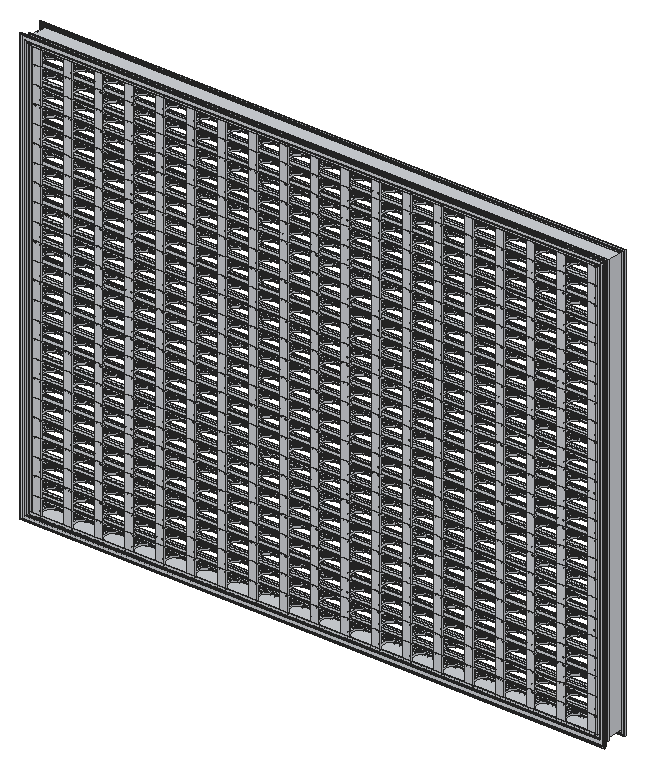
Revit family "NLRS_00_GM_Akoesische muurrooster_ST-445-86ZF_Storax", category Generic Models, Revit 2019
Family settings
  Can host rebar = No
  Round Connector Dimension = Use Diameter
  Part Type = Normal
  Work Plane-Based = Yes
  Always vertical = No
  Cut with Voids When Loaded = Yes
  Shared = No
  Room Calculation Point = No
Parameters
  Width [instance] = 2000 mm
  VerticalSpacingLamel = 60 mm  # constant formula
  Rooster Start = 20.5 mm
  Rooster End = 20.5 mm
  LamellendragerHoH [instance] = 100 mm
  LamellendragerArayNumber [instance] = (Width - ArrayStartLeft - ArrayStartRight) / LamellendragerHoH  # 19
  Height [instance] = 1500 mm
  Default Elevation = 1219.2 mm
  Calculated Width Rooster [instance] = Width - Rooster Start - Rooster End  # 1959 mm
  Calculated Heigth Rooster [instance] = Calculated Height - 60 mm  # 1430 mm
  Calculated Height [instance] = round((Height - 50 mm) / VerticalSpacingLamel) * VerticalSpacingLamel + 50 mm  # 1490 mm
  Blade Number MODIFIER [instance] = 0
  Blade Height [instance] = Height - (20.5 mm * 2)  # 1459 mm
  ArrayStartRight [instance] = ArrayStartLeft  # 50 mm
  ArrayStartLeft [instance] = 50 mm
Reference planes
  plane 1 "Center (Front/Back)": y = 0
  plane 2 "Bottom": z = 0
  plane 3 "Left": x = 0
  plane 4 "Right": x = 2000
  plane 5 "Top": z = 1490
  plane 6: x = 50
  plane 7: x = 1950
  plane 8: z = 1500
  plane 9: x = 20.5
  plane 10: x = 1979.5
Forms (mm)
  Sweep 1, solid
    path origin (0, 0, 0) x (1, 0, 0) y (0, 0, 1)
      loop
        line (0, 1490) -> (0, 0) -> (2000, 0) -> (2000, 1490) -> (0, 1490)
    profile "Profiel_ST-445-86ZF : Profiel_ST-445-86ZF" origin (1000, 0, 1490) x (0, 0, 1) y (0, -1, 0)
      loop
        line (0, -5) -> (0, -1.5) -> (-1.5, -1.5) -> (-1.5, -3) -> (-8.3, -3) -> (-8.3, -1.25) -> (-6.3, -1.25) -> (-6.3, 0.515) -> (-7.502, 1.717) -> (-7.805, 0) -> (-10.3, 0) -> (-10.3, -3) -> (-13.5, -3) -> (-13.5, 56.8) -> (-10.3, 56.8) -> (-10.3, 54.3) -> (-8.3, 54.3) -> (-8.3, 58.3) -> (-9.85, 58.3) -> (-9.85, 60.05) -> (-11.35, 60.05) -> (-11.35, 58.3) -> (-13.5, 58.3) -> (-13.5, 80) -> (-11.35, 80) -> (-11.35, 78.25) -> (-9.85, 78.25) -> (-9.85, 80) -> (-2.783, 80) -> (-1.5, 78.717) -> (-1.5, 81.5) -> (-2.343, 81.5) -> (-2.343, 82.289) -> (0, 82.289) -> (0, 83.5) -> (-1.8, 83.5)
        arc (-1.8, 83.5) -> (-2.393, 83.382) -> (-2.896, 83.046) r 1.55
        line (-2.896, 83.046) -> (-4.442, 81.5) -> (-15.5, 81.5) -> (-15.5, 76.5) -> (-19.5, 76.5) -> (-19.5, 79.134)
        arc (-19.5, 79.134) -> (-19.5, 80.866) -> (-21, 80) r 1
        line (-21, 80) -> (-21, 76.5) -> (-29, 76.5) -> (-29, 75) -> (-15.5, 75) -> (-15.5, -5) -> (0, -5)
Dimensions and locks
  "Width": plane 4 "Right" to plane 3 "Left"
  "Calculated Height": plane 5 "Top" to plane 2 "Bottom"
  equal spacing: group 1, group 3, group 4, group 5, group 6, group 7, group 8, group 9, group 10, group 11, group 12, group 13, group 14, group 15, group 16, group 17, group 18, group 19, group 2  (x3)
  "ArrayStartLeft": plane 6 to plane 3 "Left"
  "ArrayStartRight": plane 4 "Right" to plane 7
  "Height": plane 8 to plane 2 "Bottom"
  "Rooster Start": plane 9 to plane 3 "Left"
  "Rooster End": plane 4 "Right" to plane 10
  aligned and locked: level to plane 2 "Bottom"
  aligned and locked: Sweep 1 sketch curve to plane 5 "Top"
  aligned and locked: plane 3 "Left" to Sweep 1 sketch curve
  aligned and locked: Sweep 1 sketch curve to plane 2 "Bottom"
  aligned and locked: Sweep 1 sketch curve to plane 4 "Right"
  aligned and locked: nested 1 to plane 6
  aligned and locked: nested 2 to plane 7
  aligned and locked: nested 3 to plane 9
Nested families
  nested 1: "NLRS_21_GM_Lamellenhouder_ST-060-AC-11-12" at (50, -75, 24.4) x (0, -1, 0) z (0, 0, 1), Length <- "Blade Height", Blade Number MODIFIER <- "Blade Number MODIFIER", type "NLRS_21_GM_Lamellenhouder_ST-060-AC-11-12"
    with Length 1459 mm, Blade Spacing 60 mm, Blade Number MODIFIER 0, Blade Number 24
  nested 2: "NLRS_21_GM_Lamellenhouder_ST-060-AC-11-12" at (1950, -75, 24.4) x (0, -1, 0) z (0, 0, 1), Length <- "Blade Height", Blade Number MODIFIER <- "Blade Number MODIFIER", type "NLRS_21_GM_Lamellenhouder_ST-060-AC-11-12"
    with Length 1459 mm, Blade Spacing 60 mm, Blade Number MODIFIER 0, Blade Number 24
  nested 3: "NLRS_21_GM_Lamellenrooster_ST-060-AC-11-12" at (1000, -60.49, 20.506) x (0, -1, 0) z (0, 0, 1), Length <- "Calculated Heigth Rooster", Width <- "Calculated Width Rooster", type "NLRS_21_GM_Lamellenrooster_ST-060-AC-11-12"
    with Width 1959 mm, Length 1430 mm, Blade Spacing 60 mm, Blade Number MODIFIER 0, Blade Number 24
  nested 4: "NLRS_21_GM_Lamellenhouder_ST-060-AC-11-12" at (155.556, -75, 24.4) x (0, -1, 0) z (0, 0, 1), Length <- "Blade Height", Blade Number MODIFIER <- "Blade Number MODIFIER", type "NLRS_21_GM_Lamellenhouder_ST-060-AC-11-12"
    with Length 1459 mm, Blade Spacing 60 mm, Blade Number MODIFIER 0, Blade Number 24
  nested 5: "NLRS_21_GM_Lamellenhouder_ST-060-AC-11-12" at (261.111, -75, 24.4) x (0, -1, 0) z (0, 0, 1), Length <- "Blade Height", Blade Number MODIFIER <- "Blade Number MODIFIER", type "NLRS_21_GM_Lamellenhouder_ST-060-AC-11-12"
    with Length 1459 mm, Blade Spacing 60 mm, Blade Number MODIFIER 0, Blade Number 24
  nested 6: "NLRS_21_GM_Lamellenhouder_ST-060-AC-11-12" at (366.667, -75, 24.4) x (0, -1, 0) z (0, 0, 1), Length <- "Blade Height", Blade Number MODIFIER <- "Blade Number MODIFIER", type "NLRS_21_GM_Lamellenhouder_ST-060-AC-11-12"
    with Length 1459 mm, Blade Spacing 60 mm, Blade Number MODIFIER 0, Blade Number 24
  nested 7: "NLRS_21_GM_Lamellenhouder_ST-060-AC-11-12" at (472.222, -75, 24.4) x (0, -1, 0) z (0, 0, 1), Length <- "Blade Height", Blade Number MODIFIER <- "Blade Number MODIFIER", type "NLRS_21_GM_Lamellenhouder_ST-060-AC-11-12"
    with Length 1459 mm, Blade Spacing 60 mm, Blade Number MODIFIER 0, Blade Number 24
  nested 8: "NLRS_21_GM_Lamellenhouder_ST-060-AC-11-12" at (577.778, -75, 24.4) x (0, -1, 0) z (0, 0, 1), Length <- "Blade Height", Blade Number MODIFIER <- "Blade Number MODIFIER", type "NLRS_21_GM_Lamellenhouder_ST-060-AC-11-12"
    with Length 1459 mm, Blade Spacing 60 mm, Blade Number MODIFIER 0, Blade Number 24
  nested 9: "NLRS_21_GM_Lamellenhouder_ST-060-AC-11-12" at (683.333, -75, 24.4) x (0, -1, 0) z (0, 0, 1), Length <- "Blade Height", Blade Number MODIFIER <- "Blade Number MODIFIER", type "NLRS_21_GM_Lamellenhouder_ST-060-AC-11-12"
    with Length 1459 mm, Blade Spacing 60 mm, Blade Number MODIFIER 0, Blade Number 24
  nested 10: "NLRS_21_GM_Lamellenhouder_ST-060-AC-11-12" at (788.889, -75, 24.4) x (0, -1, 0) z (0, 0, 1), Length <- "Blade Height", Blade Number MODIFIER <- "Blade Number MODIFIER", type "NLRS_21_GM_Lamellenhouder_ST-060-AC-11-12"
    with Length 1459 mm, Blade Spacing 60 mm, Blade Number MODIFIER 0, Blade Number 24
  nested 11: "NLRS_21_GM_Lamellenhouder_ST-060-AC-11-12" at (894.444, -75, 24.4) x (0, -1, 0) z (0, 0, 1), Length <- "Blade Height", Blade Number MODIFIER <- "Blade Number MODIFIER", type "NLRS_21_GM_Lamellenhouder_ST-060-AC-11-12"
    with Length 1459 mm, Blade Spacing 60 mm, Blade Number MODIFIER 0, Blade Number 24
  nested 12: "NLRS_21_GM_Lamellenhouder_ST-060-AC-11-12" at (1000, -75, 24.4) x (0, -1, 0) z (0, 0, 1), Length <- "Blade Height", Blade Number MODIFIER <- "Blade Number MODIFIER", type "NLRS_21_GM_Lamellenhouder_ST-060-AC-11-12"
    with Length 1459 mm, Blade Spacing 60 mm, Blade Number MODIFIER 0, Blade Number 24
  nested 13: "NLRS_21_GM_Lamellenhouder_ST-060-AC-11-12" at (1105.556, -75, 24.4) x (0, -1, 0) z (0, 0, 1), Length <- "Blade Height", Blade Number MODIFIER <- "Blade Number MODIFIER", type "NLRS_21_GM_Lamellenhouder_ST-060-AC-11-12"
    with Length 1459 mm, Blade Spacing 60 mm, Blade Number MODIFIER 0, Blade Number 24
  nested 14: "NLRS_21_GM_Lamellenhouder_ST-060-AC-11-12" at (1211.111, -75, 24.4) x (0, -1, 0) z (0, 0, 1), Length <- "Blade Height", Blade Number MODIFIER <- "Blade Number MODIFIER", type "NLRS_21_GM_Lamellenhouder_ST-060-AC-11-12"
    with Length 1459 mm, Blade Spacing 60 mm, Blade Number MODIFIER 0, Blade Number 24
  nested 15: "NLRS_21_GM_Lamellenhouder_ST-060-AC-11-12" at (1316.667, -75, 24.4) x (0, -1, 0) z (0, 0, 1), Length <- "Blade Height", Blade Number MODIFIER <- "Blade Number MODIFIER", type "NLRS_21_GM_Lamellenhouder_ST-060-AC-11-12"
    with Length 1459 mm, Blade Spacing 60 mm, Blade Number MODIFIER 0, Blade Number 24
  nested 16: "NLRS_21_GM_Lamellenhouder_ST-060-AC-11-12" at (1422.222, -75, 24.4) x (0, -1, 0) z (0, 0, 1), Length <- "Blade Height", Blade Number MODIFIER <- "Blade Number MODIFIER", type "NLRS_21_GM_Lamellenhouder_ST-060-AC-11-12"
    with Length 1459 mm, Blade Spacing 60 mm, Blade Number MODIFIER 0, Blade Number 24
  nested 17: "NLRS_21_GM_Lamellenhouder_ST-060-AC-11-12" at (1527.778, -75, 24.4) x (0, -1, 0) z (0, 0, 1), Length <- "Blade Height", Blade Number MODIFIER <- "Blade Number MODIFIER", type "NLRS_21_GM_Lamellenhouder_ST-060-AC-11-12"
    with Length 1459 mm, Blade Spacing 60 mm, Blade Number MODIFIER 0, Blade Number 24
  nested 18: "NLRS_21_GM_Lamellenhouder_ST-060-AC-11-12" at (1633.333, -75, 24.4) x (0, -1, 0) z (0, 0, 1), Length <- "Blade Height", Blade Number MODIFIER <- "Blade Number MODIFIER", type "NLRS_21_GM_Lamellenhouder_ST-060-AC-11-12"
    with Length 1459 mm, Blade Spacing 60 mm, Blade Number MODIFIER 0, Blade Number 24
  nested 19: "NLRS_21_GM_Lamellenhouder_ST-060-AC-11-12" at (1738.889, -75, 24.4) x (0, -1, 0) z (0, 0, 1), Length <- "Blade Height", Blade Number MODIFIER <- "Blade Number MODIFIER", type "NLRS_21_GM_Lamellenhouder_ST-060-AC-11-12"
    with Length 1459 mm, Blade Spacing 60 mm, Blade Number MODIFIER 0, Blade Number 24
  nested 20: "NLRS_21_GM_Lamellenhouder_ST-060-AC-11-12" at (1844.444, -75, 24.4) x (0, -1, 0) z (0, 0, 1), Length <- "Blade Height", Blade Number MODIFIER <- "Blade Number MODIFIER", type "NLRS_21_GM_Lamellenhouder_ST-060-AC-11-12"
    with Length 1459 mm, Blade Spacing 60 mm, Blade Number MODIFIER 0, Blade Number 24
Definition of nested family "NLRS_21_GM_Lamellenhouder_ST-060-AC-11-12"
  Parameters (values of type "NLRS_21_GM_Lamellenhouder_ST-060-AC-11-12")
    Length [instance] = 600 mm
    Blade Spacing [instance] = 60 mm
    Blade Number MODIFIER [instance] = 0
    Blade Number [instance] = (Length / Blade Spacing) + Blade Number MODIFIER  # 10
  Reference planes
    plane 1 "Center (Front/Back)": y = 0
    plane 2: z = 0
    plane 3 "Center (Left/Right)": x = 0
    plane 4: z = 600
    plane 5: z = 60
    plane 6: z = 120
    plane 7: z = 180
    plane 8: z = 240
    plane 9: z = 300
    plane 10: z = 0
    plane 11: z = 60
    plane 12: z = 120
    plane 13: z = 180
    plane 14: z = 240
    plane 15: z = 360
    plane 16: z = 300
    plane 17: z = 420
    plane 18: z = 360
    plane 19: z = 480
    plane 20: z = 420
    plane 21: z = 540
    plane 22: z = 480
    plane 23: z = 600
    plane 24: z = 540
  Dimensions and locks
    equal spacing: group 1, group 2, group 3, group 4, group 5, group 6, group 7, group 8, group 9, group 10  (x3)
    "Blade Spacing": plane 5 to plane 10
    "Length": plane 4 to level
    aligned and locked: level to plane 2
  Nested families
    nested 1: "NLRS_00_GM_PRF_ST-060-AC-11-12" at (0, 0, 0) x (0, -1, 0) z (0, 0, 1), type "NLRS_00_GM_PRF_ST-060-AC-11-12"
    nested 2: "NLRS_00_GM_PRF_ST-060-AC-11-12" at (0, 0, 60) x (0, -1, 0) z (0, 0, 1), type "NLRS_00_GM_PRF_ST-060-AC-11-12"
    nested 3: "NLRS_00_GM_PRF_ST-060-AC-11-12" at (0, 0, 120) x (0, -1, 0) z (0, 0, 1), type "NLRS_00_GM_PRF_ST-060-AC-11-12"
    nested 4: "NLRS_00_GM_PRF_ST-060-AC-11-12" at (0, 0, 180) x (0, -1, 0) z (0, 0, 1), type "NLRS_00_GM_PRF_ST-060-AC-11-12"
    nested 5: "NLRS_00_GM_PRF_ST-060-AC-11-12" at (0, 0, 240) x (0, -1, 0) z (0, 0, 1), type "NLRS_00_GM_PRF_ST-060-AC-11-12"
    nested 6: "NLRS_00_GM_PRF_ST-060-AC-11-12" at (0, 0, 300) x (0, -1, 0) z (0, 0, 1), type "NLRS_00_GM_PRF_ST-060-AC-11-12"
    nested 7: "NLRS_00_GM_PRF_ST-060-AC-11-12" at (0, 0, 360) x (0, -1, 0) z (0, 0, 1), type "NLRS_00_GM_PRF_ST-060-AC-11-12"
    nested 8: "NLRS_00_GM_PRF_ST-060-AC-11-12" at (0, 0, 420) x (0, -1, 0) z (0, 0, 1), type "NLRS_00_GM_PRF_ST-060-AC-11-12"
    nested 9: "NLRS_00_GM_PRF_ST-060-AC-11-12" at (0, 0, 480) x (0, -1, 0) z (0, 0, 1), type "NLRS_00_GM_PRF_ST-060-AC-11-12"
    nested 10: "NLRS_00_GM_PRF_ST-060-AC-11-12" at (0, 0, 540) x (0, -1, 0) z (0, 0, 1), type "NLRS_00_GM_PRF_ST-060-AC-11-12"
  Definition of nested family "NLRS_00_GM_PRF_ST-060-AC-11-12"
    Parameters
      Connector width = 232.51 mm
    Reference planes
      plane 1 "Center (Front/Back)": y = 0
      plane 2: z = 0
      plane 3 "Center (Left/Right)": x = 0
    Forms (mm)
      Sweep 1, solid
        path origin (0, 0, 0) x (1, 0, 0) y (0, 1, 0)
          loop
            line (14, 0) -> (-14, 0)
        profile "NLRS_00_PRF_ST-060-AC-11-12 : NLRS_00_PRF_ST-060-AC-11-12" origin (0, 0, 0) x (0, -1, 0) y (0, 0, 1)
          loop
            line (59.317, -1.551) -> (61.193, -4) -> (62.7, -4)
            arc (62.7, -4) -> (63.148, -3.721) -> (63.097, -3.196) r 0.5
            line (63.097, -3.196) -> (59.833, 1.065) -> (61.013, 2.146) -> (62.362, 0.908)
            arc (62.362, 0.908) -> (62.901, 0.819) -> (63.2, 1.276) r 0.5
            line (63.2, 1.276) -> (63.2, 3.671)
            arc (63.2, 3.671) -> (62.006, 5.502) -> (59.85, 5.147) r 2
            line (59.85, 5.147) -> (59.115, 4.474)
            arc (59.115, 4.474) -> (58.076, 3.975) -> (56.934, 4.131) r 2
            line (56.934, 4.131) -> (31.126, 15.917)
            arc (31.126, 15.917) -> (27.409, 17.191) -> (23.515, 17.713) r 20
            line (23.515, 17.713) -> (3.965, 18.395)
            arc (3.965, 18.395) -> (3.281, 18.7) -> (3, 19.395) r 1
            line (3, 19.395) -> (3, 49.245)
            arc (3, 49.245) -> (3.746, 50.802) -> (5.426, 51.199) r 2
            arc (5.426, 51.199) -> (10.671, 49.093) -> (14.935, 45.385) r 17
            arc (14.935, 45.385) -> (16.062, 44.536) -> (17.453, 44.296) r 3
            arc (17.453, 44.296) -> (18.649, 44.459) -> (19.684, 45.08) r 3
            line (19.684, 45.08) -> (21.901, 47.117)
            arc (21.901, 47.117) -> (22.411, 49.316) -> (20.547, 50.59) r 2
            line (20.547, 50.59) -> (17.044, 50.59) -> (18.78, 48.323) -> (17.598, 47.238) -> (15.328, 49.322)
            arc (15.328, 49.322) -> (9.588, 53.012) -> (2.943, 54.557) r 20
            arc (2.943, 54.557) -> (2.273, 54.869) -> (2, 55.555) r 1
            line (2, 55.555) -> (2, 60) -> (0, 60) -> (0, 0) -> (2.1, 0) -> (2.1, -4) -> (4, -4) -> (4, 2) -> (3, 2) -> (3, 11.168)
            arc (3, 11.168) -> (3.586, 12.582) -> (5, 13.168) r 2
            line (5, 13.168) -> (24.169, 13.168)
            arc (24.169, 13.168) -> (27.297, 12.859) -> (30.304, 11.945) r 16
            line (30.304, 11.945) -> (55.213, 1.604)
            arc (55.213, 1.604) -> (57.473, 0.297) -> (59.317, -1.551) r 10
    Dimensions and locks
      aligned and locked: level to plane 2
Definition of nested family "NLRS_21_GM_Lamellenrooster_ST-060-AC-11-12"
  Parameters (values of type "NLRS_21_GM_Lamellenrooster_ST-060-AC-11-12")
    Width [instance] = 600 mm
    Length [instance] = 600 mm
    Blade Spacing [instance] = 60 mm
    Blade Number MODIFIER [instance] = 0
    Blade Number [instance] = (Length / Blade Spacing) + Blade Number MODIFIER  # 10
  Reference planes
    plane 1 "Center (Front/Back)": y = 0
    plane 2: z = 0
    plane 3 "Center (Left/Right)": x = 0
    plane 4: z = 600
    plane 5: z = 60
    plane 6: z = 0
    plane 7: z = 0
    plane 8: z = 120
    plane 9: z = 60
    plane 10: z = 180
    plane 11: z = 120
    plane 12: z = 240
    plane 13: z = 180
    plane 14: z = 300
    plane 15: z = 240
    plane 16: z = 360
    plane 17: z = 300
    plane 18: z = 420
    plane 19: z = 360
    plane 20: z = 480
    plane 21: z = 420
    plane 22: z = 540
    plane 23: z = 480
    plane 24: z = 600
    plane 25: z = 540
  Dimensions and locks
    "Blade Spacing": plane 5 to plane 6
    "Length": plane 4 to level
    equal spacing: group 1, group 2, group 3, group 4, group 5, group 6, group 7, group 8, group 9, group 10  (x3)
    aligned and locked: level to plane 2
  Nested families
    nested 1: "NLRS_00_GM_PRF_Rooster" at (-63.988, 0, 0) x (0, -1, 0) z (0, 0, 1), Width <- "Width", type "NLRS_00_GM_PRF_Rooster"
      with Width 600 mm, Length 500 mm
    nested 2: "NLRS_00_GM_PRF_Rooster" at (-63.988, 0, 60) x (0, -1, 0) z (0, 0, 1), Width <- "Width", type "NLRS_00_GM_PRF_Rooster"
      with Width 600 mm, Length 500 mm
    nested 3: "NLRS_00_GM_PRF_Rooster" at (-63.988, 0, 120) x (0, -1, 0) z (0, 0, 1), Width <- "Width", type "NLRS_00_GM_PRF_Rooster"
      with Width 600 mm, Length 500 mm
    nested 4: "NLRS_00_GM_PRF_Rooster" at (-63.988, 0, 180) x (0, -1, 0) z (0, 0, 1), Width <- "Width", type "NLRS_00_GM_PRF_Rooster"
      with Width 600 mm, Length 500 mm
    nested 5: "NLRS_00_GM_PRF_Rooster" at (-63.988, 0, 240) x (0, -1, 0) z (0, 0, 1), Width <- "Width", type "NLRS_00_GM_PRF_Rooster"
      with Width 600 mm, Length 500 mm
    nested 6: "NLRS_00_GM_PRF_Rooster" at (-63.988, 0, 300) x (0, -1, 0) z (0, 0, 1), Width <- "Width", type "NLRS_00_GM_PRF_Rooster"
      with Width 600 mm, Length 500 mm
    nested 7: "NLRS_00_GM_PRF_Rooster" at (-63.988, 0, 360) x (0, -1, 0) z (0, 0, 1), Width <- "Width", type "NLRS_00_GM_PRF_Rooster"
      with Width 600 mm, Length 500 mm
    nested 8: "NLRS_00_GM_PRF_Rooster" at (-63.988, 0, 420) x (0, -1, 0) z (0, 0, 1), Width <- "Width", type "NLRS_00_GM_PRF_Rooster"
      with Width 600 mm, Length 500 mm
    nested 9: "NLRS_00_GM_PRF_Rooster" at (-63.988, 0, 480) x (0, -1, 0) z (0, 0, 1), Width <- "Width", type "NLRS_00_GM_PRF_Rooster"
      with Width 600 mm, Length 500 mm
    nested 10: "NLRS_00_GM_PRF_Rooster" at (-63.988, 0, 540) x (0, -1, 0) z (0, 0, 1), Width <- "Width", type "NLRS_00_GM_PRF_Rooster"
      with Width 600 mm, Length 500 mm
  Definition of nested family "NLRS_00_GM_PRF_Rooster"
    Parameters (values of type "NLRS_00_GM_PRF_Rooster")
      Width [instance] = 900 mm
      Length [instance] = 500 mm
      Connector width = 232.51 mm
    Reference planes
      plane 1 "Center (Front/Back)": y = 0
      plane 2: z = 0
      plane 3 "Center (Left/Right)": x = 0
      plane 4: x = -450
      plane 5: x = 450
    Forms (mm)
      Sweep 1, solid
        path origin (0, 0, 0) x (1, 0, 0) y (0, 1, 0)
          loop
            line (450, 0) -> (-450, 0)
        profile "NLRS_00_GM_PRF_Akoestische Rooster : NLRS_00_GM_PRF_Akoestische Rooster" origin (0, 0, 0) x (0, -1, 0) y (0, 0, 1)
          loop
            line (18.592, 5.027) -> (17.485, 6.04) -> (14.438, 2.707)
            arc (14.438, 2.707) -> (13.984, 2.369) -> (13.437, 2.223) r 1.5
            line (13.437, 2.223) -> (4.286, 1.574)
            arc (4.286, 1.574) -> (1.972, 1.672) -> (1.669, 3.967) r 1.8
            line (1.669, 3.967) -> (1.518, 12.145)
            arc (1.518, 12.145) -> (1.316, 13.803) -> (2.564, 14.914) r 1.8
            line (2.564, 14.914) -> (48.879, 65.56)
            arc (48.879, 65.56) -> (49.874, 66.903) -> (51.544, 66.849) r 1.8
            line (51.544, 66.849) -> (59.702, 67.427)
            arc (59.702, 67.427) -> (62.016, 67.33) -> (62.319, 65.035) r 1.8
            line (62.319, 65.035) -> (62.489, 55.862)
            arc (62.489, 55.862) -> (62.392, 55.304) -> (62.096, 54.822) r 1.5
            line (62.096, 54.822) -> (59.731, 52.236) -> (60.838, 51.223) -> (63.203, 53.81)
            arc (63.203, 53.81) -> (63.795, 54.774) -> (63.988, 55.89) r 3
            line (63.988, 55.89) -> (63.801, 66.057)
            arc (63.801, 66.057) -> (62.826, 68.216) -> (60.589, 68.994) r 3
            line (60.589, 68.994) -> (50.445, 68.275)
            arc (50.445, 68.275) -> (49.351, 67.983) -> (48.444, 67.307) r 3
            line (48.444, 67.307) -> (0.786, 15.192)
            arc (0.786, 15.192) -> (0.193, 14.227) -> (0, 13.112) r 3
            line (0, 13.112) -> (0.188, 2.945)
            arc (0.188, 2.945) -> (1.163, 0.786) -> (3.399, 0.008) r 3
            line (3.399, 0.008) -> (13.543, 0.727)
            arc (13.543, 0.727) -> (14.637, 1.019) -> (15.545, 1.695) r 3
            line (15.545, 1.695) -> (18.592, 5.027)
    Dimensions and locks
      equal spacing: plane 5, plane 3 "Center (Left/Right)", plane 4
      "Width": plane 5 to plane 4
      aligned and locked: level to plane 2
      aligned and locked: plane 4 to Sweep 1 sketch curve
      aligned and locked: plane 5 to Sweep 1 sketch curve
    Automatic sketch dimensions
      plane 1 "Center (Front/Back)" to Sweep 1 sketch curve = 0 mm
